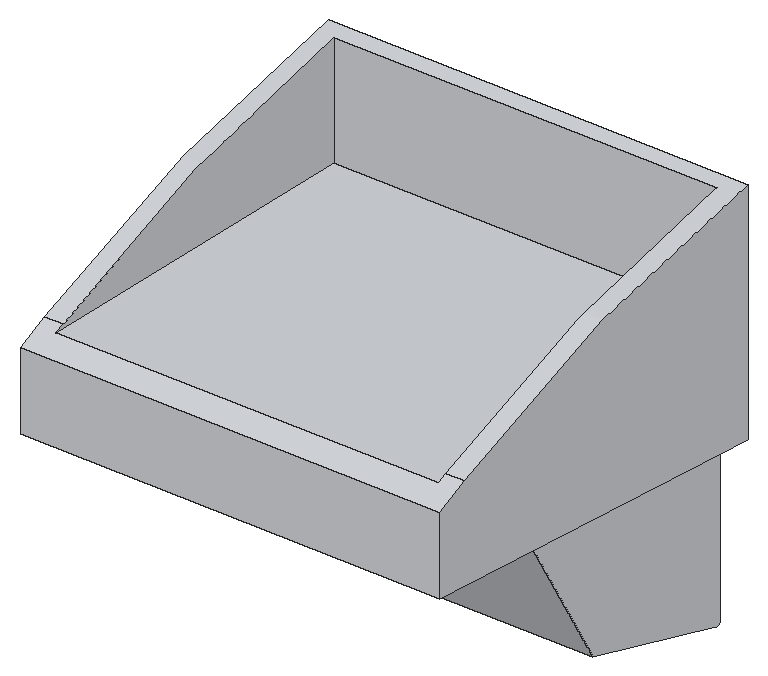
Revit family "LRBHL-2220", category Plumbing Fixtures, Revit 2015
Parameters
  URL = "https://willoughby-ind.com/wp-content/uploads/2021/09/LRBHL-2220.pdf"
  Revision = "A"
  Model = "LRHBL-2220"
  Manufacturer = "Willoughby Industries"
  Description = "Single Station, Ligature-resistant, Solid Surface, Behavioral Healthcare Lavatory"
  Contact Info = "(800) 428-4065"
Reference planes (in)
  plane 1 "Center (Front/Back)": y = 0
  plane 2: z = 0
  plane 3 "Center (Left/Right)": x = 0
Forms (in)
  Extrusion 1, solid
    sketch origin (0, 0, 3) x (0, 1, 0) y (0, 0, 1)
      loop
        arc (-0.25176, 15.28526) -> (-0.07825, 15.31977) -> (0, 15.47845) r 0.2
        line (0, 15.47845) -> (0, 24.5) -> (-12.94737, 25.42732) -> (-8.34367, 17.45348) -> (-0.25176, 15.28526)
    from -9.5 to 9.5
  Extrusion 2, solid
    sketch origin (0, 0, 3) x (0, 1, 0) y (0, 0, 1)
      loop
        line (0, 24.5) -> (0, 36.5)
        arc (0, 36.5) -> (-9.51474, 34.31423) -> (-18.5948, 30.7281) r 65
        line (-18.5948, 30.7281) -> (-20.20666, 29.94688) -> (-20.20666, 25.91299) -> (0, 24.5)
    from -11 to 11
  Extrusion 3, void
    sketch origin (0, 0, 3) x (0, 1, 0) y (0, 0, 1)
      loop
        line (-0.8619, 30.5) -> (-0.8619, 36.5) -> (-20.25, 36.5) -> (-20.25, 30.5) -> (-0.8619, 30.5)
    from -10.03125 to 10.03125
  Extrusion 4, solid
    sketch origin (0, 0, 0) x (1, 0, 0) y (0, 0, 1)
      loop
        circle (0, 26.625) r 0.75
    from -0.125 to 0.125
  Extrusion 5, solid
    sketch origin (0, 0, 0) x (1, 0, 0) y (0, 0, 1)
      loop
        circle (-1, 23.875) r 0.25
      loop
        circle (-5, 23.875) r 0.25
    from -0.125 to 0.125
Cuts and joins
  Extrusion 3 cuts Extrusion 2
Lines and regions (in)
  model lines
    curve 1: line (-11.5, 0, 0) -> (10.5, 0, 0)
Dimensions and locks (in)
  aligned and locked: level to plane 2
Connectors (in)
  piping at (-1, 0.125, 23.875), diameter 0.5
    settings: on Extrusion 5, index 1, connector inside diameter 24", connector length 0' - 0", flow factor 0, pipe flow 0 GPM, pressure drop 0.00 psi, fitting loss kfactor 0, connector angle 0.00°, fixture units 0, engagement length 0' - 0", angle of deflection 0.00°, flow configuration 0, flow direction 0, fitting loss method 0, system type 20, joint type 0, gender type 0, connector reference index -1, connector utility 0, adjustable connector no, is connector primary yes, connector description ""
  piping at (-5, 0.125, 23.875), diameter 0.5
    settings: on Extrusion 5, index 2, connector inside diameter 24", connector length 0' - 0", flow factor 0, pipe flow 0 GPM, pressure drop 0.00 psi, fitting loss kfactor 0, connector angle 0.00°, fixture units 0, engagement length 0' - 0", angle of deflection 0.00°, flow configuration 0, flow direction 0, fitting loss method 0, system type 20, joint type 0, gender type 0, connector reference index -1, connector utility 0, adjustable connector no, is connector primary no, connector description ""
  piping at (0, 0.125, 26.625), diameter 1.5
    settings: on Extrusion 4, index 3, connector inside diameter 24", connector length 0' - 0", flow factor 0, pipe flow 0 GPM, pressure drop 0.00 psi, fitting loss kfactor 0, connector angle 0.00°, fixture units 0, engagement length 0' - 0", angle of deflection 0.00°, flow configuration 0, flow direction 0, fitting loss method 0, system type 16, joint type 0, gender type 0, connector reference index -1, connector utility 0, adjustable connector no, is connector primary no, connector description ""
